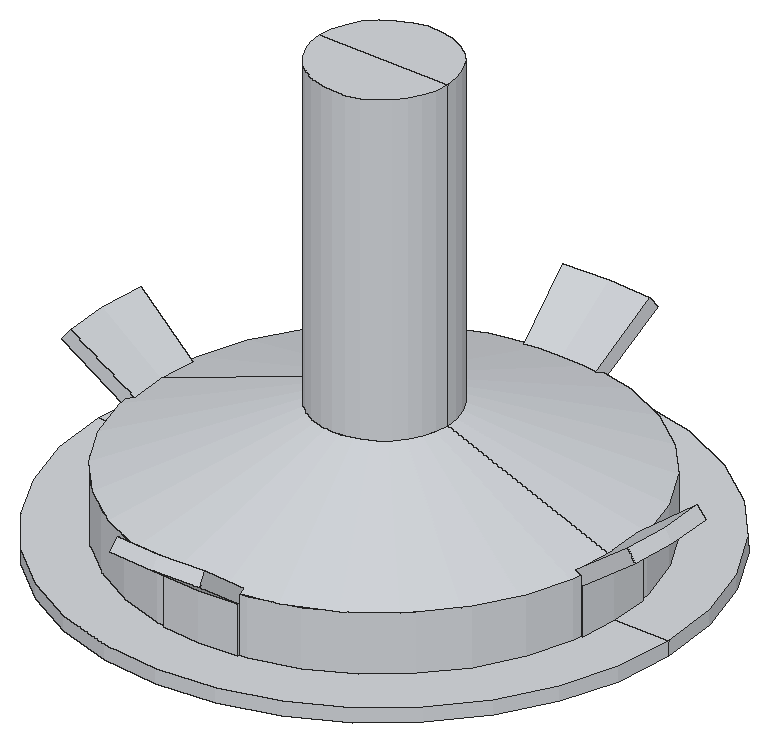
Revit family "DeckAnchor No-Hub connection - ductile iron", category Pipe Fittings, Revit 2020
Family settings
  Round Connector Dimension = Use Diameter
  Part Type = Elbow
  Work Plane-Based = No
  Always vertical = Yes
  Cut with Voids When Loaded = No
  Shared = No
Parameters (values of type "836-2 DeckAnchor - 2" No-Hub")
  URL = "www.siouxchief.com"
  Type Comments = ""
  Top Radius = 0' - 1 45/256"
  Tab Radius = 0' - 4 7/32"
  Model = "836-2"
  Manufacturer = "Sioux Chief"
  Inlet Length = 0' - 5 5/8"
  Description = "DeckAnchor 2\" No-Hub connection - ductile iron"
  Default Elevation = 0' - 0"
  Connector Diameter = 0' - 2"
  Bottom Radius = 0' - 5 1/4"
Types (5): name | Top Radius | Tab Radius | Model | Inlet Length | Description | Connector Diameter | Bottom Radius
  (no name) | 0' - 1 45/256" | 0' - 4 7/32" | "836-2" | 0' - 5 5/8" | "DeckAnchor 2\" No-Hub connection - ductile iron" | 0' - 2" | 0' - 5 1/4"
  836-2 DeckAnchor - 2" No-Hub | 0' - 1 45/256" | 0' - 4 7/32" | "836-2" | 0' - 5 5/8" | "DeckAnchor 2\" No-Hub connection - ductile iron" | 0' - 2" | 0' - 5 1/4"
  836-3 DeckAnchor - 3" No-Hub | 0' - 1 173/256" | 0' - 4 7/32" | "836-3" | 0' - 5 5/8" | "DeckAnchor 3\" No-Hub connection - ductile iron" | 0' - 3" | 0' - 5 1/4"
  836-4 DeckAnchor - 4" No-Hub | 0' - 2 3/16" | 0' - 4 7/32" | "836-4" | 0' - 5 5/8" | "DeckAnchor 4\" No-Hub connection - ductile iron" | 0' - 4" | 0' - 5 1/4"
  836-6 DeckAnchor - 6" No-Hub | 0' - 3 19/128" | 0' - 5 7/32" | "836-6" | 0' - 5 1/4" | "DeckAnchor 6\" No-Hub connection - ductile iron" | 0' - 6" | 0' - 6 1/4"
Reference planes (in)
  plane 1 "Center (Front/Back)": y = 0
  plane 2: z = 0
  plane 3 "Center (Left/Right)": x = 0
Forms (in)
  Revolve 1, solid
    sketch origin (-1, 0, 0) x (1, 0, 0) y (0, 0, 1)
      loop
        line (1, 0) -> (6.25, 0) -> (6.25, 0.25) -> (5.25, 0.25) -> (5.25, 1.25848) -> (2.17578, 2.375) -> (2.17578, 8) -> (1, 8) -> (1, 0)
      axis (1, 8) -> (1, 0)
    angle from 0 to 360
  Revolve 2, solid
    sketch origin (-0.98634, 0, 0) x (0.991445, -0.130526, 0) y (0, 0, 1)
      loop
        line (6.16988, 2.10041) -> (5, 1.23292) -> (5, 0.25457) -> (5.25, 0.25457) -> (5.25, 1.10707) -> (6.31878, 1.89959) -> (6.16988, 2.10041)
      axis (0, 2.10041) -> (0, 0.25457)
    angle from 0 to 15
  Revolve 3, solid
    sketch origin (0, -0.98634, 0) x (0.130526, 0.991445, 0) y (0, 0, 1)
      loop
        line (6.16988, 2.10041) -> (5, 1.23292) -> (5, 0.25457) -> (5.25, 0.25457) -> (5.25, 1.10707) -> (6.31878, 1.89959) -> (6.16988, 2.10041)
      axis (0, 2.10041) -> (0, 0.25457)
    angle from 0 to 15
  Revolve 4, solid
    sketch origin (0.98634, 0, 0) x (-0.991445, 0.130526, 0) y (0, 0, 1)
      loop
        line (6.16988, 2.10041) -> (5, 1.23292) -> (5, 0.25457) -> (5.25, 0.25457) -> (5.25, 1.10707) -> (6.31878, 1.89959) -> (6.16988, 2.10041)
      axis (0, 2.10041) -> (0, 0.25457)
    angle from 0 to 15
  Revolve 5, solid
    sketch origin (0, 0.98634, 0) x (-0.130526, -0.991445, 0) y (0, 0, 1)
      loop
        line (6.16988, 2.10041) -> (5, 1.23292) -> (5, 0.25457) -> (5.25, 0.25457) -> (5.25, 1.10707) -> (6.31878, 1.89959) -> (6.16988, 2.10041)
      axis (0, 2.10041) -> (0, 0.25457)
    angle from 0 to 15
Dimensions and locks (in)
  "Top Radius": Revolve 1 sketch curve to Revolve 1 sketch curve
  "Bottom Radius": Revolve 1 sketch curve to Revolve 1 sketch curve
  locked: Revolve 1 sketch curve to Revolve 1 sketch curve at 1
  locked: Revolve 1 sketch curve to Revolve 1 sketch curve at 8
  "Inlet Length": Revolve 1 sketch curve to Revolve 1 sketch curve
  locked: Revolve 2 sketch curve to Revolve 2 sketch curve at 0.25  (x2)
  "Tab Radius": plane 3 "Center (Left/Right)" to Revolve 2
  locked: Revolve 3 sketch curve to Revolve 3 sketch curve at 0.25  (x2)
  locked: Revolve 4 sketch curve to Revolve 4 sketch curve at 0.25  (x2)
  locked: Revolve 5 sketch curve to Revolve 5 sketch curve at 0.25  (x2)
  "Tab Radius": Revolve 4 to plane 3 "Center (Left/Right)"
  "Tab Radius": Revolve 3 to plane 1 "Center (Front/Back)"
  "Tab Radius": plane 1 "Center (Front/Back)" to Revolve 5
  aligned and locked: plane 2 to level
  aligned and locked: Revolve 1 sketch curve to plane 3 "Center (Left/Right)"
Automatic sketch dimensions
  Revolve 2 sketch curve to Revolve 2 sketch curve = 0' - 0.91988"
  Revolve 2 sketch curve to Revolve 2 sketch curve = 0' - 5"
  Revolve 2 sketch curve to Revolve 2 sketch curve = 0' - 0.14891"
  Revolve 2 sketch curve to Revolve 2 sketch curve = 0' - 0.8525"
  Revolve 2 sketch curve to Revolve 2 sketch curve = 0' - 3 3/4"
  Revolve 2 sketch curve to Revolve 2 sketch curve = 0' - 4.27165"
  Revolve 3 sketch curve to Revolve 3 sketch curve = 0' - 0.91988"
  Revolve 3 sketch curve to Revolve 3 sketch curve = 0' - 5"
  Revolve 3 sketch curve to Revolve 3 sketch curve = 0' - 0.14891"
  Revolve 3 sketch curve to Revolve 3 sketch curve = 0' - 0.8525"
  Revolve 3 sketch curve to Revolve 3 sketch curve = 0' - 3 3/4"
  Revolve 3 sketch curve to Revolve 3 sketch curve = 0' - 4.27165"
  Revolve 4 sketch curve to Revolve 4 sketch curve = 0' - 0.91988"
  Revolve 4 sketch curve to Revolve 4 sketch curve = 0' - 5"
  Revolve 4 sketch curve to Revolve 4 sketch curve = 0' - 0.14891"
  Revolve 4 sketch curve to Revolve 4 sketch curve = 0' - 0.8525"
  Revolve 4 sketch curve to Revolve 4 sketch curve = 0' - 3 3/4"
  Revolve 4 sketch curve to Revolve 4 sketch curve = 0' - 4.27165"
  Revolve 5 sketch curve to Revolve 5 sketch curve = 0' - 0.91988"
  Revolve 5 sketch curve to Revolve 5 sketch curve = 0' - 5"
  Revolve 5 sketch curve to Revolve 5 sketch curve = 0' - 0.14891"
  Revolve 5 sketch curve to Revolve 5 sketch curve = 0' - 0.8525"
  Revolve 5 sketch curve to Revolve 5 sketch curve = 0' - 3 3/4"
  Revolve 5 sketch curve to Revolve 5 sketch curve = 0' - 4.27165"
  Revolve 1 sketch curve to level = 0' - 0"
  Revolve 1 sketch curve to plane 3 "Center (Left/Right)" = 0' - 0"
  level to Revolve 1 sketch curve = 0' - 0 1/4"
  Revolve 1 sketch curve to Revolve 1 sketch curve = 0' - 1.00848"
  Revolve 1 sketch curve to Revolve 1 sketch curve = 0' - 9 1/2"
  Revolve 1 sketch curve to Revolve 1 sketch curve = 0' - 9 1/8"
Connectors (in)
  piping at (0, 0, 8), diameter 2, driven by "Connector Diameter"
    settings: on Revolve 1, index 1, connector inside diameter 24", connector length 0' - 0", flow factor 0, pipe flow 0 GPM, pressure drop 0.00 psi, fitting loss kfactor 0, connector angle 0.00°, fixture units 0, engagement length 0' - 0", angle of deflection 0.00°, flow configuration 0, flow direction 1, fitting loss method 0, system type 16, joint type 0, gender type 0, connector reference index -1, connector utility 0, adjustable connector no, is connector primary yes, connector description ""
  piping at (0, 0, 0), diameter 2, driven by "Connector Diameter"
    settings: on Revolve 1, index 2, connector inside diameter 24", connector length 0' - 0", flow factor 0, pipe flow 0 GPM, pressure drop 0.00 psi, fitting loss kfactor 0, connector angle 0.00°, fixture units 0, engagement length 0' - 0", angle of deflection 0.00°, flow configuration 0, flow direction 2, fitting loss method 0, system type 16, joint type 0, gender type 0, connector reference index -1, connector utility 0, adjustable connector no, is connector primary no, connector description "No Hub"
